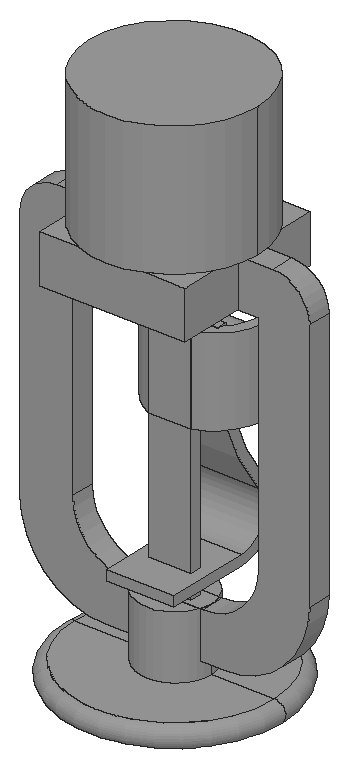
Revit family
Parameters (values of type "RASCO G PENDENT")
  Temperature Rating = 165 °F
  Response = (empty or 0)
  RASCO SIN # = "R1021"
  RASCO Part # = "GP13C"
  Pressure Rating = "175 PSI"
  Pressure Class = (empty or 0)
  Orifice Size = 3/8"
  Orifice = (empty or 0)
  Model = "G"
  Manufacturer = "RASCO"
  K-Factor = 2.82
  Description = "Chrome Finish"
  Coverage = (empty or 0)
Reference planes (in)
  plane 1 "Center (Front/Back)": y = 0
  plane 2: z = 0
  plane 3 "Center (Left/Right)": x = 0
Dimensions and locks (in)
  aligned and locked: plane 2 to level
Nested families (in)
  nested 1: "GP13C" at (-0.0055, 0, 2.875) x (-1, 0, 0) z (0, 0, -1), type "RASCO G PENDENT"
Connectors (in)
  piping at (-0.0055, 0, 2.875)
    settings: on nested 1, index 1, connector radius 0.45", flow factor 0, pipe flow 0 GPM, pressure drop 0.00 psi, fitting loss kfactor 0, connector angle 0.00°, fixture units 0, flow configuration 0, flow direction 0, fitting loss method 0, system type 7, connector reference index -1, connector utility 0, adjustable connector no, is connector primary yes, fitting loss table "", connector description ""
Definition of nested family "GP13C"
  Parameters (values of type "RASCO G PENDENT")
    Type Comments = ""
    Temperature Rating = 0 °F
    Response = (empty or 0)
    Pressure Rating = "0"
    Pressure Class = (empty or 0)
    Orifice Size = 0"
    Orifice = (empty or 0)
    Model = ""
    Manufacturer = ""
    K-Factor = 0
    Description = ""
    Coverage = (empty or 0)
    Assembly Code = ""
  Reference planes (in)
    plane 1 "Center (Front/Back)": y = 0
    plane 2: z = 0
    plane 3 "ref.2": z = 0.6875
    plane 4 "ref.3": z = 0.9375
    plane 5: x = -0.38065
    plane 6: x = 0.36935
    plane 7 "ref. side 1": y = 0.06402
    plane 8 "ref. side 2": y = -0.06098
    plane 9 "ref.4": z = 1.875
    plane 10 "ref.5": z = 2.875
    plane 11 "center": x = -0.00574
  Forms (in)
    Extrusion 1, solid, material "Default"
      sketch origin (0, 0, 0) x (1, 0, 0) y (0, 1, 0)
        loop
          circle (0, 0) r 0.438
      from 0 to 0.6875
    Extrusion 2, solid, material "Default"
      sketch origin (-0.12185, 0.05177, 0.6875) x (1, 0, 0) y (0, 1, 0)
        loop
          line (-0.2588, 0.356) -> (-0.2588, -0.4565) -> (0.4912, -0.4565) -> (0.4912, 0.356) -> (-0.2588, 0.356)
      from 0 to 0.25
    Extrusion 3, solid, material "Default"
      sketch origin (0, 0, 0) x (1, 0, 0) y (0, 0, 1)
        loop
          line (-0.49248, 0.9375) -> (-0.49248, 2.10276)
          arc (-0.49248, 2.10276) -> (-0.40724, 2.30855) -> (-0.20145, 2.39379) r 0.29103
          line (-0.20145, 2.39379) -> (0.18108, 2.39379)
          arc (0.18108, 2.39379) -> (0.38905, 2.30765) -> (0.47519, 2.09969) r 0.29411
          line (0.47519, 2.09969) -> (0.47519, 0.9375) -> (0.36935, 0.9375) -> (0.36935, 0.6875) -> (0.55741, 0.6875)
          arc (0.55741, 0.6875) -> (0.69165, 0.7431) -> (0.74725, 0.87734) r 0.18984
          line (0.74725, 0.87734) -> (0.74725, 2.19113)
          arc (0.74725, 2.19113) -> (0.61669, 2.50631) -> (0.3015, 2.63687) r 0.44574
          line (0.3015, 2.63687) -> (-0.30719, 2.63687)
          arc (-0.30719, 2.63687) -> (-0.62225, 2.50637) -> (-0.75275, 2.19131) r 0.44556
          line (-0.75275, 2.19131) -> (-0.75275, 0.87876)
          arc (-0.75275, 0.87876) -> (-0.69673, 0.74352) -> (-0.56149, 0.6875) r 0.19126
          line (-0.56149, 0.6875) -> (-0.38065, 0.6875) -> (-0.38065, 0.9375) -> (-0.49248, 0.9375)
      from -0.06402 to 0.06098
    Extrusion 4, solid, material "Default"
      sketch origin (-0.00199, 0, 2.4375) x (-1, 0, 0) y (0, -1, 0)
        loop
          circle (0.00574, -0.00152) r 0.1875
      from -0.04371 to 0.4375
    Revolve 5, solid, material "Default"
      sketch origin (-0.0011, 0, 0.30638) x (1, 0, 0) y (0, 0, 1)
        loop
          line (-0.00574, 2.41507) -> (-0.00574, 2.52719) -> (-0.52401, 2.52719)
          arc (-0.52401, 2.52719) -> (-0.58007, 2.47113) -> (-0.52401, 2.41507) r 0.05606
          line (-0.52401, 2.41507) -> (-0.00574, 2.41507)
        axis (-0.00574, 2.41507) -> (-0.00574, 2.52719)
      angle from 0 to 360
    Extrusion 6, solid, material "Default"
      sketch origin (0, 0, 0.9375) x (-1, 0, 0) y (0, -1, 0)
        loop
          line (-0.10175, -0.02852) -> (0.11324, -0.02852) -> (0.11324, 0.03101) -> (-0.10175, 0.03101) -> (-0.10175, -0.02852)
      from 0 to 1.45629
    Extrusion 7, solid, material "Default"
      sketch origin (-0.00574, -0.0095, -0.07537) x (0, 0, -1) y (0, -1, 0)
        loop
          line (-2.39379, 0.21198) -> (-2.39379, -0.229)
          arc (-2.39379, -0.229) -> (-2.26956, -0.41579) -> (-2.04926, -0.37342) r 0.20254
          arc (-2.04926, -0.37342) -> (-1.6599, -0.16721) -> (-1.22163, -0.12207) r 1.15319
          line (-1.22163, -0.12207) -> (-1.22163, -0.07087)
          arc (-1.22163, -0.07087) -> (-1.6782, -0.11947) -> (-2.0834, -0.33544) r 1.20419
          arc (-2.0834, -0.33544) -> (-2.24878, -0.36919) -> (-2.34279, -0.229) r 0.15154
          line (-2.34279, -0.229) -> (-2.34279, 0.21198) -> (-2.39379, 0.21198)
      from -0.17255 to 0.17398
    Extrusion 8, solid, material "Default"
      sketch origin (0, 0, 0) x (1, 0, 0) y (0, 1, 0)
        loop
          arc (0.23993, 0.23051) -> (0.19768, 0.11115) -> (0.10175, 0.02852) r 0.24647
          line (0.10175, 0.02852) -> (-0.11324, 0.02852)
          arc (-0.11324, 0.02852) -> (-0.21767, 0.12447) -> (-0.25194, 0.2621) r 0.24647
          line (-0.25194, 0.2621) -> (-0.25194, 0.40777) -> (-0.30719, 0.40777) -> (-0.30719, 0.25942)
          arc (-0.30719, 0.25942) -> (-0.25653, 0.08328) -> (-0.11324, -0.03101) r 0.30157
          line (-0.11324, -0.03101) -> (0.10175, -0.03101)
          arc (0.10175, -0.03101) -> (0.24461, 0.08262) -> (0.29574, 0.25785) r 0.30157
          line (0.29574, 0.25785) -> (0.29574, 0.40777) -> (0.23993, 0.40777) -> (0.23993, 0.23051)
      from 1.14626 to 1.59756
    Extrusion 9, solid, material "Default"
      sketch origin (-0.00574, -0.0095, -0.07537) x (0, 0, -1) y (0, -1, 0)
        loop
          circle (-1.44728, -0.26892) r 0.13147
      from -0.24568 to 0.24619
  Cuts and joins
    joined: Extrusion 1, Extrusion 2, Revolve 5
  Dimensions and locks (in)
    plane 10 "ref.5" to level = 2.875"
